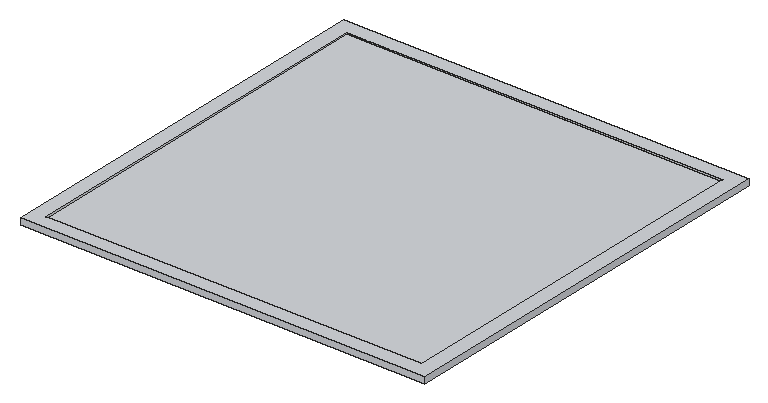
Revit family "0042678_0042679", category Lighting Fixtures, host Face, Revit 2017
Family settings
  Host = Face
  Round Connector Dimension = Use Diameter
  Part Type = Normal
  OmniClass Number = 23.80.70.00
  OmniClass Title = Lighting
  Cut with Voids When Loaded = No
  Light Source = Yes
  Shared = No
  Room Calculation Point = No
Parameters (values of type "0042679 S PL U19 600HE IP44 SSC 4300 840 TPA")
  Weight = "kg"
  Wattage Comments = ""
  Wattage = 0 W
  WarrantyStartDate [instance] = "n/a"
  WarrantyGuarantorParts = "n/a"
  WarrantyDurationUnit = "n/a"
  WarrantyDurationParts = "n/a"
  WarrantyDescription = "n/a"
  WIDTH_SYL = 297.5 mm
  built-in parameter 1150110 = 1 (stored number, unit not read)
  Voltage = 0 V
  URL = "http://www.sylvania-lighting.com"
  TypeName = "ST Panel UGR19 600x600 HE IP44 SSC 4300 840 TPA"
  Type Image = <None>
  Type Comments = "n/a"
  built-in parameter 1114217 = 1 (stored number, unit not read)
  Tilt Angle = -90.00°
  built-in parameter 1150109 = 1 (stored number, unit not read)
  built-in parameter 1150134 = 12
  TOPWIDTH_SYL = 245 mm
  built-in parameter 1150113 = 1 (stored number, unit not read)
  SerialNumber [instance] = "n/a"
  Photometric Web File = "0042679.ies"
  Material_3_SYL = none
  PowerFactor = 0.9
  PowerConsumption = "n/a"
  NominalLength = 595 mm
  NominalHeight = 35 mm
  NominalDepth = 595 mm
  Name = "ST Panel UGR19 600x600 HE IP44 SSC 4300 840 TPA"
  ModelReference = Name  # "ST Panel UGR19 600x600 HE IP44 SSC 4300 840 TPA"
  ModelNumber = "0042679"
  Model = Name  # "ST Panel UGR19 600x600 HE IP44 SSC 4300 840 TPA"
  Material = "aluminium,steel housing, other diffuser"
  ManufacturerName = "Feilo Sylvania"
  Manufacturer = "Feilo Sylvania"
  MAINHEIGHT_SYL = 63 mm
  LuminousEfficacy = "126 lm/W"
  built-in parameter 1150105 = (empty or 0)
  Lumens = 0 lm
  LuminaireType = ""
  built-in parameter 1150115 = 1 (stored number, unit not read)
  LightOutputRatio = "n/a"
  built-in parameter 1150137 = (empty or 0)
  built-in parameter 1150139 = (empty or 0)
  LampsType = Lamp  # "LED"
  LampNominalLuminous = "4300 lm"
  LampMacAdamStep = "3"
  LampColourTemperature = "4000 K"
  LampColourRenderingIndex = "80"
  built-in parameter 1150112 = 1 (stored number, unit not read)
  built-in parameter 1150114 = 1 (stored number, unit not read)
  Lamp = "LED"
  LUMWIDTH_SYL = 276.5 mm
  LUMDEPTH_SYL = 276.5 mm
  Keynote = "16500"
  InstallationDate [instance] = "n/a"
  InputVoltage = "n/a"
  InputNominalFrequency = "n/a"
  built-in parameter 1150132 = (empty or 0)
  built-in parameter 1150102 = (empty or 0)
  built-in parameter 1150107 = 4000 (stored number, unit not read)
  built-in parameter 1150138 = (empty or 0)
  IngressProtection = "IP44/20"
  ImpactProtectionIndex = "IK03"
  built-in parameter 1150106 = (empty or 0)
  IfcExportType = "IfcLightFixtureType"
  IfcExportAs = "IfcLightFixtureType"
  HEIGHT_SYL = 33 mm
  HEIGHTBOTT_SYL = 7 mm
  Emit from Circle Diameter = 609.6 mm
  Emit Shape Visible in Rendering = no
  ElectricShockClassification = "Class II"
  built-in parameter 1150104 = 11.706 (stored number, unit not read)
  DocumentationLiterature = "http://www.sylvania-lighting.com/product/en-int/products/0042679"
  DimmingControlOptions = "n/a"
  Material_2_SYL = none
  Dimming Lamp Color Temperature Shift = <None>
  Description = ""
  Default Elevation = 1219.2 mm
  DEPTH_SYL = 297.5 mm
  CreatedOn = "5/10/2021"
  CreatedBy = "@sylvania-lighting.com"
  Cost = 0
  Color Filter = 16777215
  built-in parameter 1114216 [instance] = (empty or 0)
  ClassificationValue = "EF_70_80"
  ClassificationName = "Uniclass2015"
  Material_1_SYL = Default
  BarCode [instance] = "n/a"
  built-in parameter 1114218 = 1 (stored number, unit not read)
  BOX_WIDTH_SYL = 40 mm
  built-in parameter 1150133 = 10 (stored number, unit not read)
  AssetType = "Fixed"
  AssetIdentifier [instance] = "n/a"
  Assembly Code = "D5020200"
  Apparent Load = 0 VA
  Material_4_SYL = none
  -LUMDEPTH_SYL = LUMDEPTH_SYL * (-1)  # -276.5 mm
Types (2, lengths in mm): name | TypeName | built-in parameter 1150134 | Photometric Web File | Name | ModelReference | ModelNumber | Model | LuminousEfficacy | LampNominalLuminous | LampColourTemperature | built-in parameter 1150107 | built-in parameter 1150104 | DocumentationLiterature
  0042679 S PL U19 600HE IP44 SSC 4300 840 TPA | "ST Panel UGR19 600x600 HE IP44 SSC 4300 840 TPA" | 12 | "0042679.ies" | "ST Panel UGR19 600x600 HE IP44 SSC 4300 840 TPA" | "ST Panel UGR19 600x600 HE IP44 SSC 4300 840 TPA" | "0042679" | "ST Panel UGR19 600x600 HE IP44 SSC 4300 840 TPA" | "126 lm/W" | "4300 lm" | "4000 K" | 4000 (stored number, unit not read) | 11.706 (stored number, unit not read) | "http://www.sylvania-lighting.com/product/en-int/products/0042679"
  0042678 S PL U19 600HE IP44 SSC 4100 830 TPA | "ST Panel UGR19 600x600 HE IP44 SSC 4100 830 TPA" | (empty or 0) | "0042678.ies" | "ST Panel UGR19 600x600 HE IP44 SSC 4100 830 TPA" | "ST Panel UGR19 600x600 HE IP44 SSC 4100 830 TPA" | "0042678" | "ST Panel UGR19 600x600 HE IP44 SSC 4100 830 TPA" | "121 lm/W" | "4100 lm" | "3000 K" | 3000 (stored number, unit not read) | 11.241 (stored number, unit not read) | "http://www.sylvania-lighting.com/product/en-int/products/0042678"
Reference planes
  plane 1 "Center (Front/Back)": y = 0
  plane 2: z = 0
  plane 3 "Center (Left/Right)": x = 0
  plane 4: x = -297.5
  plane 5: x = 297.5
  plane 6: y = 297.5
  plane 7: y = -297.5
  plane 8: x = 276.5
  plane 9: x = -276.5
  plane 10: y = 276.5
  plane 11: y = -276.5
  plane 12: z = -33
  plane 13: z = -7
  plane 14: x = -245
  plane 15: x = 245
  plane 16: y = -245
  plane 17: y = 245
  plane 18: y = 276.5
  plane 19: y = -276.5
  plane 20: z = -63
  plane 21: x = -40
  plane 22: x = 40
Forms (mm)
  Extrusion 1, solid
    sketch origin (0, 0, 0) x (1, 0, 0) y (0, 1, 0)
      loop
        line (-297.5, 297.5) -> (-297.5, -297.5) -> (297.5, -297.5) -> (297.5, 297.5) -> (-297.5, 297.5)
    from -7 to 2
  Extrusion 2, void
    sketch origin (0, 0, 0) x (1, 0, 0) y (0, 1, 0)
      loop
        line (-276.5, 276.5) -> (-276.5, -276.5) -> (276.5, -276.5) -> (276.5, 276.5) -> (-276.5, 276.5)
    from 0 to 10
  Extrusion 3, solid
    sketch origin (0, 0, 0) x (1, 0, 0) y (0, 0, 1)
      loop
        line (-276.5, -7) -> (-245, -33) -> (245, -33) -> (276.5, -7) -> (-276.5, -7)
    from -276.5 <- "-LUMDEPTH_SYL" to 276.5 <- "LUMDEPTH_SYL"
  Extrusion 4, void
    sketch origin (319, 1524, 1219.2) x (0, 1, 0) y (0, 0, 1)
      loop
        line (-1279, -1252.2) -> (-1247.5, -1252.2) -> (-1247.5, -1226.2) -> (-1279, -1252.2)
      loop
        line (-1800.5, -1226.2) -> (-1800.5, -1252.2) -> (-1769, -1252.2) -> (-1800.5, -1226.2)
    from -1000 to 1000
Cuts and joins
  Extrusion 2 cuts Extrusion 1
  Extrusion 4 cuts Extrusion 3
Dimensions and locks
  "WIDTH_SYL": plane 4 to plane 3 "Center (Left/Right)" to plane 5
  "DEPTH_SYL": plane 7 to plane 1 "Center (Front/Back)" to plane 6
  "LUMWIDTH_SYL": plane 9 to plane 3 "Center (Left/Right)" to plane 8
  "LUMDEPTH_SYL": plane 11 to plane 1 "Center (Front/Back)" to plane 10
  "HEIGHT_SYL": host face to plane 12
  "HEIGHTBOTT_SYL": host face to plane 13
  "TOPWIDTH_SYL": plane 14 to imposter light to plane 15
  "TOPWIDTH_SYL": plane 17 to imposter light to plane 16
  "LUMWIDTH_SYL": plane 18 to imposter light to plane 19
  "MAINHEIGHT_SYL": host face to plane 20
  "BOX_WIDTH_SYL": plane 21 to imposter light to plane 22
  aligned and locked: plane 2 to host face
  aligned and locked: level to host face
  aligned and locked: plane 6 to Extrusion 1 sketch curve
  aligned and locked: plane 4 to Extrusion 1 sketch curve
  aligned and locked: Extrusion 1 sketch curve to plane 7
  aligned and locked: Extrusion 1 sketch curve to plane 5
  aligned and locked: plane 10 to Extrusion 2 sketch curve
  aligned and locked: Extrusion 2 sketch curve to plane 9
  aligned and locked: Extrusion 2 sketch curve to plane 11
  aligned and locked: plane 8 to Extrusion 2 sketch curve
Automatic sketch dimensions
  host sketch curve to host sketch curve = 2438.4 mm  (x2)
  plane 9 to Extrusion 3 sketch curve = 0 mm
  Extrusion 3 sketch curve to plane 12 = 0 mm
  plane 14 to Extrusion 3 sketch curve = 0 mm
  plane 15 to Extrusion 3 sketch curve = 0 mm
  plane 8 to Extrusion 3 sketch curve = 0 mm
  Extrusion 3 sketch curve to plane 13 = 0 mm
  Extrusion 4 sketch curve to plane 11 = 0 mm
  plane 12 to Extrusion 4 sketch curve = 0 mm  (x2)
  Extrusion 4 sketch curve to plane 16 = 0 mm
  Extrusion 4 sketch curve to plane 17 = 0 mm
  Extrusion 4 sketch curve to plane 10 = 0 mm
  plane 13 to Extrusion 4 sketch curve = 0 mm  (x2)
Connectors
  electrical at (0, 0, -33)
    settings: on cut or joined group of Extrusion 3, Extrusion 4, index 1, voltage 0 V, apparent load 0 VA, apparent load phase1 0 VA, apparent load phase2 0 VA, apparent load phase3 0 VA, power factor 0.9, load classification "Other", number of poles 1, system type 31, power factor state 1, is connector primary yes, connector utility no, sub classification motor no, connector description ""
